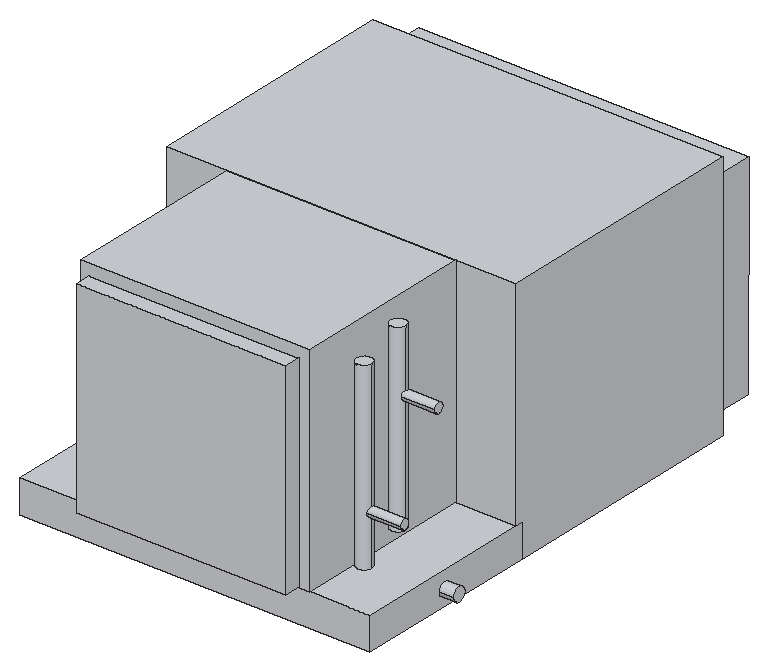
Revit family "M_Unidade de serpentina do ventilador com plenum - Duto horizontal - CHW - Retorno traseiro", category Equipamento mecânico, Revit 2019
Family settings
  Cota do conector redondo = Utilizar diâmetro
  Tipo de parte = Normal
  Número OmniClass = 23.75.70.17.27
  Título OmniClass = Fan Coil Units
  ID de item do Seek = Fan Coil Unit with Plenum - Horizontal Ducted - CHW - Rear Return-0000-CAN-ENU
  Com base no plano de trabalho = Não
  Sempre na vertical = Sim
  Corte com vazios quando carregada = Não
  Compartilhado = Não
  Ponto de cálculo do ambiente = Não
Parameters (values of type "282 LPS")
  Queda de pressão da água [instance] = 9652.66 Pa
  Voltagem = 120 V
  Comprimento da unidade = 584.2 mm
  Capacidade de resfriamento total = 5773.5 W
  Largura do ar de fornecimento = 350 mm
  Capacidade de resfriamento perceptível = 4220.22 W
  Largura do ar de retorno = 550 mm
  Número de pólos = 1
  Fluxo de ar nominal [instance] = 283.17 L/s
  Classificação de carga = Refrigeração
  Pressão estática externa [instance] = 74.65 Pa
  Fluxo da drenagem [instance] = 0.0 L/s
  Comprimento da serpentina = 381 mm
  Fluxo da água resfriada [instance] = 0.25 L/s
  Material CFU = none
  Carga aparente = 265 VA
Types (9, lengths in mm): name | Queda de pressão da água | Comprimento da unidade | Capacidade de resfriamento total | Largura do ar de fornecimento | Capacidade de resfriamento perceptível | Largura do ar de retorno | Fluxo de ar nominal | Comprimento da serpentina | Fluxo da água resfriada | Carga aparente
  (no name) | 9652.66 Pa | 584.2 | 5773.5 W | 350 | 4220.22 W | 550 | 283.17 L/s | 381 | 0.25 L/s | 265 VA
  282 LPS | 9652.66 Pa | 584.2 | 5773.5 W | 350 | 4220.22 W | 550 | 283.17 L/s | 381 | 0.25 L/s | 265 VA
  376 LPS | 21373.7 Pa | 711.2 | 8616.29 W | 500 | 6037.26 W | 650 | 377.56 L/s | 508 | 0.38 L/s | 310 VA
  470 LPS | 44815.9 Pa | 812.8 | 11283.2 W | 600 | 7737.08 W | 750 | 471.95 L/s | 609.6 | 0.5 L/s | 440 VA
  564 LPS | 89631.8 Pa | 939.8 | 13950.2 W | 700 | 9466.2 W | 900 | 566.34 L/s | 736.6 | 0.63 L/s | 550 VA
  658 LPS | 144789.9 Pa | 1066.8 | 15474.1 W | 850 | 10697.1 W | 1000 | 660.73 L/s | 863.6 | 0.69 L/s | 690 VA
  752 LPS | 172368.9 Pa | 1193.8 | 18961.7 W | 950 | 12777.9 W | 1150 | 755.12 L/s | 990.6 | 0.95 L/s | 900 VA
  846 LPS | 172368.9 Pa | 1320.8 | 22185.5 W | 1100 | 14770.8 W | 1250 | 849.51 L/s | 1117.6 | 1.2 L/s | 1015 VA
  940 LPS | 172368.9 Pa | 1422.4 | 24149.1 W | 1200 | 16177.5 W | 1350 | 943.89 L/s | 1219.2 | 1.2 L/s | 1020 VA
Reference planes
  plane 1 "Centro (Frente/Trás)": y = 0
  plane 2: z = 0
  plane 3 "Centro (Esquerda/Direita)": x = 0
  plane 4: x = 584.2
  plane 5: x = 114.3
  plane 6: y = 736.6
  plane 7: y = -25.4
  plane 8: x = 464.3
  plane 9: x = 289.3
  plane 10: x = 101.6
  plane 11: x = 482.6
  plane 12: z = 415.925
  plane 13: z = 293.687
  plane 14: z = 396.875
  plane 15: z = 53.975
  plane 16: y = 317.5
  plane 17: y = 304.8
  plane 18: x = 25.4
  plane 19: x = 575.4
  plane 20: y = 153.987
  plane 21: y = 82.55
  plane 22: z = 150.812
  plane 23: x = 508
  plane 24: z = 92.075
  plane 25: z = 371.475
  plane 26: z = 66.675
  plane 27: z = 26.987
  plane 28: x = 609.6
  plane 29: y = 800.1
  plane 30: z = 207.962
  plane 31: z = 385.762
  plane 32: z = 30.162
Forms (mm)
  Extrusion 1, solid, material <- "Material CFU"
    sketch origin (0, 0, 0) x (1, 0, 0) y (0, 1, 0)
      loop
        line (0, 317.5) -> (0, 0) -> (584.2, 0) -> (584.2, 317.5) -> (0, 317.5)
    from 0 to 53.975
  Extrusion 2, solid, material <- "Material CFU"
    sketch origin (0, 0, 0) x (0, 1, 0) y (0, 0, 1)
      loop
        line (-25.4, 396.875) -> (-25.4, 53.975) -> (0, 53.975) -> (0, 396.875) -> (-25.4, 396.875)
    from 114.3 to 464.3
  Extrusion 3, solid, material <- "Material CFU"
    sketch origin (0, 0, 0) x (0, 1, 0) y (0, 0, 1)
      loop
        line (0, 415.925) -> (0, 53.975) -> (304.8, 53.975) -> (304.8, 415.925) -> (0, 415.925)
    from 101.6 to 482.6
  Extrusion 4, solid, material <- "Material CFU"
    sketch origin (0, 0, 0) x (0, 1, 0) y (0, 0, 1)
      loop
        line (304.8, 415.925) -> (304.8, 53.975) -> (317.5, 53.975) -> (317.5, 0) -> (736.6, 0) -> (736.6, 415.925) -> (304.8, 415.925)
    from 0 to 584.2
  Extrusion 5, solid, material <- "Material CFU"
    sketch origin (0, 0, 0) x (1, 0, 0) y (0, 1, 0)
      loop
        circle (508, 153.987) r 12.7
    from 92.075 to 396.875
  Extrusion 6, solid, material <- "Material CFU"
    sketch origin (0, 0, 0) x (1, 0, 0) y (0, 1, 0)
      loop
        circle (508, 82.55) r 12.7
    from 66.675 to 371.475
  Extrusion 7, solid, material <- "Material CFU"
    sketch origin (0, 0, 0) x (0, 1, 0) y (0, 0, 1)
      loop
        circle (153.987, 293.687) r 7.938
    from 508 to 575.4
  Extrusion 8, solid, material <- "Material CFU"
    sketch origin (0, 0, 0) x (0, 1, 0) y (0, 0, 1)
      loop
        circle (82.55, 150.812) r 7.938
    from 508 to 575.4
  Extrusion 9, solid, material <- "Material CFU"
    sketch origin (0, 0, 0) x (0, 1, 0) y (0, 0, 1)
      loop
        circle (153.987, 26.987) r 11.113
    from 584.2 to 609.6
  Extrusion 10, solid, material <- "Material CFU"
    sketch origin (0, 0, 0) x (0, 1, 0) y (0, 0, 1)
      loop
        line (736.6, 385.762) -> (736.6, 30.162) -> (800.1, 30.162) -> (800.1, 385.762) -> (736.6, 385.762)
    from 25.4 to 575.4
Cuts and joins
  joined: Extrusion 5, Extrusion 7
  joined: Extrusion 6, Extrusion 8
  joined: Extrusion 1, Extrusion 2
  joined: Extrusion 4, Extrusion 10
Dimensions and locks
  "Comprimento da unidade": plane 3 "Centro (Esquerda/Direita)" to plane 4
  locked: plane 3 "Centro (Esquerda/Direita)" to plane 5 at 114.3
  locked: plane 6 to plane 1 "Centro (Frente/Trás)" at 736.6
  locked: plane 7 to plane 1 "Centro (Frente/Trás)" at 25.4
  "Largura do ar de fornecimento": plane 5 to plane 8
  equal spacing: plane 5, plane 9, plane 8
  "Comprimento da serpentina": plane 10 to plane 11
  locked: plane 12 to plane 2 at 415.925
  locked: plane 12 to plane 13 at 122.237
  locked: plane 12 to plane 14 at 19.05
  locked: plane 14 to plane 15 at 342.9
  locked: plane 16 to plane 6 at 419.1
  locked: plane 17 to plane 16 at 12.7
  locked: plane 3 "Centro (Esquerda/Direita)" to plane 18 at 25.4
  "Largura do ar de retorno": plane 18 to plane 19
  locked: plane 1 "Centro (Frente/Trás)" to plane 20 at 153.987
  locked: plane 21 to plane 20 at 71.438
  locked: plane 12 to plane 22 at 265.113
  locked: plane 11 to plane 23 at 25.4
  locked: plane 14 to plane 24 at 304.8
  locked: plane 14 to plane 25 at 25.4
  locked: plane 24 to plane 26 at 25.4
  equal spacing: plane 15, plane 27, plane 2
  locked: plane 4 to plane 28 at 25.4
  locked: plane 6 to plane 29 at 63.5
  equal spacing: plane 12, plane 30, plane 2
  equal spacing: plane 32, plane 30, plane 31
  locked: plane 32 to plane 31 at 355.6
  aligned and locked: plane 3 "Centro (Esquerda/Direita)" to Extrusion 1 sketch curve
  aligned and locked: plane 1 "Centro (Frente/Trás)" to Extrusion 1 sketch curve
  aligned and locked: Extrusion 1 sketch curve to plane 4
  aligned and locked: Extrusion 1 to plane 2
  aligned and locked: plane 7 to Extrusion 2 sketch curve
  aligned and locked: Extrusion 2 sketch curve to plane 14
  aligned and locked: plane 15 to Extrusion 2 sketch curve
  aligned and locked: plane 1 "Centro (Frente/Trás)" to Extrusion 2 sketch curve
  aligned and locked: plane 15 to Extrusion 1
  aligned and locked: Extrusion 1 to plane 16
  aligned and locked: Extrusion 3 sketch curve to plane 12
  aligned and locked: Extrusion 3 sketch curve to plane 1 "Centro (Frente/Trás)"
  aligned and locked: plane 15 to Extrusion 3 sketch curve
  aligned and locked: plane 17 to Extrusion 3 sketch curve
  aligned and locked: plane 8 to Extrusion 2
  aligned and locked: Extrusion 2 to plane 5
  aligned and locked: Extrusion 3 to plane 10
  aligned and locked: Extrusion 3 to plane 11
  aligned and locked: Extrusion 4 sketch curve to plane 12
  aligned and locked: Extrusion 4 sketch curve to plane 17
  aligned and locked: plane 15 to Extrusion 4 sketch curve
  aligned and locked: Extrusion 4 sketch curve to plane 16
  aligned and locked: plane 2 to Extrusion 4 sketch curve
  aligned and locked: plane 6 to Extrusion 4 sketch curve
  aligned and locked: Extrusion 4 to plane 3 "Centro (Esquerda/Direita)"
  aligned and locked: plane 4 to Extrusion 4
  aligned and locked: plane 20 to Extrusion 5 sketch curve
  aligned and locked: plane 23 to Extrusion 5 sketch curve
  aligned and locked: plane 21 to Extrusion 6 sketch curve
  aligned and locked: plane 23 to Extrusion 6 sketch curve
  aligned and locked: plane 14 to Extrusion 5
  aligned and locked: Extrusion 5 to plane 14
  aligned and locked: Extrusion 5 to plane 24
  aligned and locked: plane 25 to Extrusion 6
  aligned and locked: Extrusion 6 to plane 26
  aligned and locked: plane 13 to Extrusion 7 sketch curve
  aligned and locked: plane 20 to Extrusion 7 sketch curve
  aligned and locked: plane 22 to Extrusion 8 sketch curve
  aligned and locked: plane 21 to Extrusion 8 sketch curve
  aligned and locked: plane 19 to Extrusion 7
  aligned and locked: plane 19 to Extrusion 8
  aligned and locked: plane 23 to Extrusion 7
  aligned and locked: plane 23 to Extrusion 8
  aligned and locked: plane 27 to Extrusion 9 sketch curve
  aligned and locked: plane 20 to Extrusion 9 sketch curve
  aligned and locked: plane 28 to Extrusion 9
  aligned and locked: Extrusion 9 to plane 4
  aligned and locked: plane 31 to Extrusion 10 sketch curve
  aligned and locked: Extrusion 10 sketch curve to plane 6
  aligned and locked: plane 29 to Extrusion 10 sketch curve
  aligned and locked: plane 32 to Extrusion 10 sketch curve
  aligned and locked: plane 19 to Extrusion 10
  aligned and locked: Extrusion 10 to plane 18
Automatic sketch dimensions
  Extrusion 1 sketch curve to plane 1 "Centro (Frente/Trás)" = 317.5 mm
  radius of Extrusion 5 sketch curve = 12.7 mm
  radius of Extrusion 6 sketch curve = 12.7 mm
  radius of Extrusion 7 sketch curve = 7.938 mm
  radius of Extrusion 8 sketch curve = 7.938 mm
  radius of Extrusion 9 sketch curve = 11.113 mm
Connectors
  hvac at (289.3, -25.4, 225.425), driven by "Fluxo de ar nominal", driven by "Largura do ar de fornecimento"
    settings: on cut or joined group of Extrusion 1, Extrusion 2, index 1, duct flow 283.17 L/s, flow factor 0, pres drop 0.0 Pa, loss coef 0, conn angle 0.00°, conn width 350 mm, conn height 342.9 mm, conn diameter 609.6 mm, duct sys type 1, conn prof type 1, flow config 0, flow direction 2, loss method 0, conn ref index 2, conn util no, is conn primary yes, conn desc ""
  hvac at (300.4, 800.1, 207.962), driven by "Fluxo de ar nominal", driven by "Largura do ar de retorno"
    settings: on cut or joined group of Extrusion 4, Extrusion 10, index 2, duct flow 283.17 L/s, flow factor 0, pres drop 0.0 Pa, loss coef 0, conn angle 0.00°, conn width 550 mm, conn height 355.6 mm, conn diameter 609.6 mm, duct sys type 2, conn prof type 1, flow config 0, flow direction 1, loss method 0, conn ref index 1, conn util no, is conn primary no, conn desc ""
  piping at (575.4, 82.55, 150.812), diameter 15.875, driven by "Fluxo da água resfriada"
    settings: on cut or joined group of Extrusion 6, Extrusion 8, index 3, connector inside diameter 15.875 mm, connector length 0 mm, flow factor 0, pipe flow 0.25 L/s, pressure drop 0.0 Pa, fitting loss kfactor 0, connector angle 0.00°, fixture units 0, engagement length 0 mm, angle of deflection 0.00°, flow configuration 1, flow direction 1, fitting loss method 4, system type 7, joint type 0, gender type 0, connector reference index 4, connector utility 0, adjustable connector no, is connector primary yes, connector description "Água resfriada, Entrada"
  piping at (575.4, 153.987, 293.687), diameter 15.875, driven by "Fluxo da água resfriada", driven by "Queda de pressão da água"
    settings: on cut or joined group of Extrusion 5, Extrusion 7, index 4, connector inside diameter 15.875 mm, connector length 0 mm, flow factor 0, pipe flow 0.25 L/s, pressure drop 9652.66 Pa, fitting loss kfactor 0, connector angle 0.00°, fixture units 0, engagement length 0 mm, angle of deflection 0.00°, flow configuration 1, flow direction 2, fitting loss method 4, system type 8, joint type 0, gender type 0, connector reference index 3, connector utility 0, adjustable connector no, is connector primary no, connector description "Água resfriada, Saída"
  piping at (609.6, 153.987, 26.987), diameter 22.225, driven by "Fluxo da drenagem"
    settings: on Extrusion 9, index 5, connector inside diameter 22.225 mm, connector length 0 mm, flow factor 0, pipe flow 0.0 L/s, pressure drop 0.0 Pa, fitting loss kfactor 0, connector angle 0.00°, fixture units 0, engagement length 0 mm, angle of deflection 0.00°, flow configuration 1, flow direction 2, fitting loss method 0, system type 16, joint type 0, gender type 0, connector reference index -1, connector utility 0, adjustable connector yes, is connector primary no, connector description "Drenagem, Saída"
  electrical at (0, 452.967, 156.633), driven by "Carga aparente", driven by "Voltagem", driven by "Número de pólos", driven by "Classificação de carga"
    settings: on cut or joined group of Extrusion 4, Extrusion 10, index 6, voltage 120 V, apparent load 265 VA, apparent load phase1 0 VA, apparent load phase2 0 VA, apparent load phase3 0 VA, power factor 0.8, load classification "Refrigeração", number of poles 1, system type 30, power factor state 1, is connector primary yes, connector utility no, sub classification motor no, connector description ""
